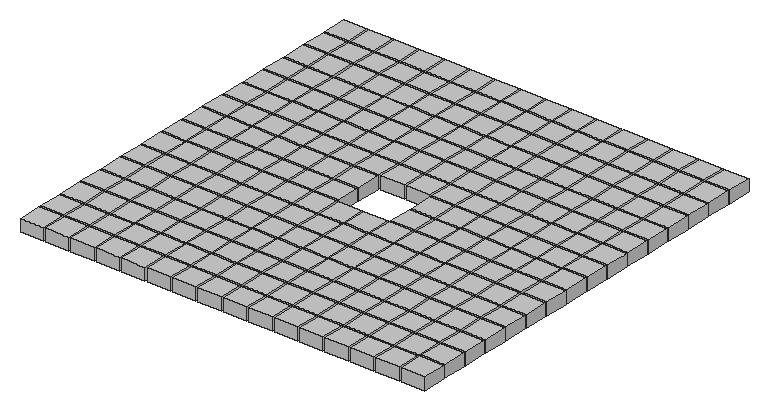
Revit family "Alcorque Ecológico", category Furniture, Revit 2020 (continued)
Reference planes (m)
  plane 2167: y = -1.375
  plane 2168: y = -1.5
  plane 2169: x = 0.25
  plane 2170: x = 0.375
  plane 2171: x = 0.5
  plane 2172: x = 0.75
  plane 2173: x = 0.875
  plane 2174: x = 1
  plane 2175: y = -0.75
  plane 2176: y = -0.875
  plane 2177: y = -1
  plane 2178: y = -1.25
  plane 2179: y = -1.375
  plane 2180: y = -1.5
  plane 2181: x = 0.5
  plane 2182: x = 0.625
  plane 2183: x = 0.75
  plane 2184: x = 1
  plane 2185: x = 1.125
  plane 2186: x = 1.25
  plane 2187: y = -0.375
  plane 2188: y = -0.5
  plane 2189: y = -0.625
  plane 2190: y = -0.875
  plane 2191: y = -1
  plane 2192: y = -1.125
  plane 2193: x = 0.625
  plane 2194: x = 0.75
  plane 2195: x = 0.875
  plane 2196: x = 1.125
  plane 2197: x = 1.25
  plane 2198: x = 1.375
  plane 2199: y = -0.375
  plane 2200: y = -0.5
  plane 2201: y = -0.625
  plane 2202: y = -0.875
  plane 2203: y = -1
  plane 2204: y = -1.125
  plane 2205: x = 0.75
  plane 2206: x = 0.875
  plane 2207: x = 1
  plane 2208: x = 1.25
  plane 2209: x = 1.375
  plane 2210: x = 1.5
  plane 2211: y = -0.375
  plane 2212: y = -0.5
  plane 2213: y = -0.625
  plane 2214: y = -0.875
  plane 2215: y = -1
  plane 2216: y = -1.125
  plane 2217: x = 0.375
  plane 2218: x = 0.5
  plane 2219: x = 0.625
  plane 2220: x = 0.875
  plane 2221: x = 1
  plane 2222: x = 1.125
  plane 2223: y = -0.5
  plane 2224: y = -0.625
  plane 2225: y = -0.75
  plane 2226: y = -1
  plane 2227: y = -1.125
  plane 2228: y = -1.25
  plane 2229: x = 0.5
  plane 2230: x = 0.625
  plane 2231: x = 0.75
  plane 2232: x = 1
  plane 2233: x = 1.125
  plane 2234: x = 1.25
  plane 2235: y = -0.5
  plane 2236: y = -0.625
  plane 2237: y = -0.75
  plane 2238: y = -1
  plane 2239: y = -1.125
  plane 2240: y = -1.25
  plane 2241: x = 0.625
  plane 2242: x = 0.75
  plane 2243: x = 0.875
  plane 2244: x = 1.125
  plane 2245: x = 1.25
  plane 2246: x = 1.375
  plane 2247: y = -0.5
  plane 2248: y = -0.625
  plane 2249: y = -0.75
  plane 2250: y = -1
  plane 2251: y = -1.125
  plane 2252: y = -1.25
  plane 2253: x = 0.75
  plane 2254: x = 0.875
  plane 2255: x = 1
  plane 2256: x = 1.25
  plane 2257: x = 1.375
  plane 2258: x = 1.5
  plane 2259: y = -0.5
  plane 2260: y = -0.625
  plane 2261: y = -0.75
  plane 2262: y = -1
  plane 2263: y = -1.125
  plane 2264: y = -1.25
  plane 2265: x = 0.375
  plane 2266: x = 0.5
  plane 2267: x = 0.625
  plane 2268: x = 0.875
  plane 2269: x = 1
  plane 2270: x = 1.125
  plane 2271: y = -0.625
  plane 2272: y = -0.75
  plane 2273: y = -0.875
  plane 2274: y = -1.125
  plane 2275: y = -1.25
  plane 2276: y = -1.375
  plane 2277: x = 0.5
  plane 2278: x = 0.625
  plane 2279: x = 0.75
  plane 2280: x = 1
  plane 2281: x = 1.125
  plane 2282: x = 1.25
  plane 2283: y = -0.625
  plane 2284: y = -0.75
  plane 2285: y = -0.875
  plane 2286: y = -1.125
  plane 2287: y = -1.25
  plane 2288: y = -1.375
  plane 2289: x = 0.625
  plane 2290: x = 0.75
  plane 2291: x = 0.875
  plane 2292: x = 1.125
  plane 2293: x = 1.25
  plane 2294: x = 1.375
  plane 2295: y = -0.625
  plane 2296: y = -0.75
  plane 2297: y = -0.875
  plane 2298: y = -1.125
  plane 2299: y = -1.25
  plane 2300: y = -1.375
  plane 2301: x = 0.75
  plane 2302: x = 0.875
  plane 2303: x = 1
  plane 2304: x = 1.25
  plane 2305: x = 1.375
  plane 2306: x = 1.5
  plane 2307: y = -0.625
  plane 2308: y = -0.75
  plane 2309: y = -0.875
  plane 2310: y = -1.125
  plane 2311: y = -1.25
  plane 2312: y = -1.375
  plane 2313: x = 0.375
  plane 2314: x = 0.5
  plane 2315: x = 0.625
  plane 2316: x = 0.875
  plane 2317: x = 1
  plane 2318: x = 1.125
  plane 2319: y = -0.75
  plane 2320: y = -0.875
  plane 2321: y = -1
  plane 2322: y = -1.25
  plane 2323: y = -1.375
  plane 2324: y = -1.5
  plane 2325: x = 0.5
  plane 2326: x = 0.625
  plane 2327: x = 0.75
  plane 2328: x = 1
  plane 2329: x = 1.125
  plane 2330: x = 1.25
  plane 2331: y = -0.75
  plane 2332: y = -0.875
  plane 2333: y = -1
  plane 2334: y = -1.25
  plane 2335: y = -1.375
  plane 2336: y = -1.5
  plane 2337: x = 0.625
  plane 2338: x = 0.75
  plane 2339: x = 0.875
  plane 2340: x = 1.125
  plane 2341: x = 1.25
  plane 2342: x = 1.375
  plane 2343: y = -0.75
  plane 2344: y = -0.875
  plane 2345: y = -1
  plane 2346: y = -1.25
  plane 2347: y = -1.375
  plane 2348: y = -1.5
  plane 2349: x = 0.75
  plane 2350: x = 0.875
  plane 2351: x = 1
  plane 2352: x = 1.25
  plane 2353: x = 1.375
  plane 2354: x = 1.5
  plane 2355: y = -0.75
  plane 2356: y = -0.875
  plane 2357: y = -1
  plane 2358: y = -1.25
  plane 2359: y = -1.375
  plane 2360: y = -1.5
  plane 2361: x = -0.25
  plane 2362: x = -0.125
  plane 2363: x = 0
  plane 2364: x = 0.25
  plane 2365: x = 0.375
  plane 2366: x = 0.5
  plane 2367: y = -0.375
  plane 2368: y = -0.5
  plane 2369: y = -0.625
  plane 2370: y = -0.875
  plane 2371: y = -1
  plane 2372: y = -1.125
  plane 2373: x = -0.125
  plane 2374: x = 0
  plane 2375: x = 0.125
  plane 2376: x = 0.375
  plane 2377: x = 0.5
  plane 2378: x = 0.625
  plane 2379: y = -0.375
  plane 2380: y = -0.5
  plane 2381: y = -0.625
  plane 2382: y = -0.875
  plane 2383: y = -1
  plane 2384: y = -1.125
  plane 2385: x = 0.375
  plane 2386: x = 0.5
  plane 2387: x = 0.625
  plane 2388: x = 0.875
  plane 2389: x = 1
  plane 2390: x = 1.125
  plane 2391: y = -0.375
  plane 2392: y = -0.5
  plane 2393: y = -0.625
  plane 2394: y = -0.875
  plane 2395: y = -1
  plane 2396: y = -1.125
  plane 2397: x = -0.875
  plane 2398: x = -0.75
  plane 2399: x = -0.625
  plane 2400: x = -0.375
  plane 2401: x = -0.25
  plane 2402: x = -0.125
  plane 2403: y = 0.875
  plane 2404: y = 0.75
  plane 2405: y = 0.625
  plane 2406: y = 0.375
  plane 2407: y = 0.25
  plane 2408: y = 0.125
  plane 2409: x = -0.75
  plane 2410: x = -0.625
  plane 2411: x = -0.5
  plane 2412: x = -0.25
  plane 2413: x = -0.125
  plane 2414: x = 0
  plane 2415: y = 0.875
  plane 2416: y = 0.75
  plane 2417: y = 0.625
  plane 2418: y = 0.375
  plane 2419: y = 0.25
  plane 2420: y = 0.125
  plane 2421: x = -0.625
  plane 2422: x = -0.5
  plane 2423: x = -0.375
  plane 2424: x = -0.125
  plane 2425: x = 0
  plane 2426: x = 0.125
  plane 2427: y = 0.875
  plane 2428: y = 0.75
  plane 2429: y = 0.625
  plane 2430: y = 0.375
  plane 2431: y = 0.25
  plane 2432: y = 0.125
  plane 2433: x = -0.5
  plane 2434: x = -0.375
  plane 2435: x = -0.25
  plane 2436: x = 0
  plane 2437: x = 0.125
  plane 2438: x = 0.25
  plane 2439: y = 0.875
  plane 2440: y = 0.75
  plane 2441: y = 0.625
  plane 2442: y = 0.375
  plane 2443: y = 0.25
  plane 2444: y = 0.125
  plane 2445: x = -0.375
  plane 2446: x = -0.25
  plane 2447: x = -0.125
  plane 2448: x = 0.125
  plane 2449: x = 0.25
  plane 2450: x = 0.375
  plane 2451: y = 0.875
  plane 2452: y = 0.75
  plane 2453: y = 0.625
  plane 2454: y = 0.375
  plane 2455: y = 0.25
  plane 2456: y = 0.125
  plane 2457: x = -0.25
  plane 2458: x = -0.125
  plane 2459: x = 0
  plane 2460: x = 0.25
  plane 2461: x = 0.375
  plane 2462: x = 0.5
  plane 2463: y = 0.875
  plane 2464: y = 0.75
  plane 2465: y = 0.625
  plane 2466: y = 0.375
  plane 2467: y = 0.25
  plane 2468: y = 0.125
  plane 2469: x = -0.125
  plane 2470: x = 0
  plane 2471: x = 0.125
  plane 2472: x = 0.375
  plane 2473: x = 0.5
  plane 2474: x = 0.625
  plane 2475: y = 0.875
  plane 2476: y = 0.75
  plane 2477: y = 0.625
  plane 2478: y = 0.375
  plane 2479: y = 0.25
  plane 2480: y = 0.125
  plane 2481: x = 0
  plane 2482: x = 0.125
  plane 2483: x = 0.25
  plane 2484: x = 0.5
  plane 2485: x = 0.625
  plane 2486: x = 0.75
  plane 2487: y = 0.875
  plane 2488: y = 0.75
  plane 2489: y = 0.625
  plane 2490: y = 0.375
  plane 2491: y = 0.25
  plane 2492: y = 0.125
  plane 2493: x = -0.875
  plane 2494: x = -0.75
  plane 2495: x = -0.625
  plane 2496: x = -0.375
  plane 2497: x = -0.25
  plane 2498: x = -0.125
  plane 2499: y = 0.75
  plane 2500: y = 0.625
  plane 2501: y = 0.5
  plane 2502: y = 0.25
  plane 2503: y = 0.125
  plane 2504: y = 0
  plane 2505: x = -0.75
  plane 2506: x = -0.625
  plane 2507: x = -0.5
  plane 2508: x = -0.25
  plane 2509: x = -0.125
  plane 2510: x = 0
  plane 2511: y = 0.75
  plane 2512: y = 0.625
  plane 2513: y = 0.5
  plane 2514: y = 0.25
  plane 2515: y = 0.125
  plane 2516: y = 0
  plane 2517: x = -0.625
  plane 2518: x = -0.5
  plane 2519: x = -0.375
  plane 2520: x = -0.125
  plane 2521: x = 0
  plane 2522: x = 0.125
  plane 2523: y = 0.75
  plane 2524: y = 0.625
  plane 2525: y = 0.5
  plane 2526: y = 0.25
  plane 2527: y = 0.125
  plane 2528: y = 0
  plane 2529: x = -0.5
  plane 2530: x = -0.375
  plane 2531: x = -0.25
  plane 2532: x = 0
  plane 2533: x = 0.125
  plane 2534: x = 0.25
  plane 2535: y = 0.75
  plane 2536: y = 0.625
  plane 2537: y = 0.5
  plane 2538: y = 0.25
  plane 2539: y = 0.125
  plane 2540: y = 0
  plane 2541: x = -0.375
  plane 2542: x = -0.25
  plane 2543: x = -0.125
  plane 2544: x = 0.125
  plane 2545: x = 0.25
  plane 2546: x = 0.375
  plane 2547: y = 0.75
  plane 2548: y = 0.625
  plane 2549: y = 0.5
  plane 2550: y = 0.25
  plane 2551: y = 0.125
  plane 2552: y = 0
  plane 2553: x = -0.25
  plane 2554: x = -0.125
  plane 2555: x = 0
  plane 2556: x = 0.25
  plane 2557: x = 0.375
  plane 2558: x = 0.5
  plane 2559: y = 0.75
  plane 2560: y = 0.625
  plane 2561: y = 0.5
  plane 2562: y = 0.25
  plane 2563: y = 0.125
  plane 2564: y = 0
  plane 2565: x = -0.125
  plane 2566: x = 0
  plane 2567: x = 0.125
  plane 2568: x = 0.375
  plane 2569: x = 0.5
  plane 2570: x = 0.625
  plane 2571: y = 0.75
  plane 2572: y = 0.625
  plane 2573: y = 0.5
  plane 2574: y = 0.25
  plane 2575: y = 0.125
  plane 2576: y = 0
  plane 2577: x = 0
  plane 2578: x = 0.125
  plane 2579: x = 0.25
  plane 2580: x = 0.5
  plane 2581: x = 0.625
  plane 2582: x = 0.75
  plane 2583: y = 0.75
  plane 2584: y = 0.625
  plane 2585: y = 0.5
  plane 2586: y = 0.25
  plane 2587: y = 0.125
  plane 2588: y = 0
  plane 2589: x = -0.875
  plane 2590: x = -0.75
  plane 2591: x = -0.625
  plane 2592: x = -0.375
  plane 2593: x = -0.25
  plane 2594: x = -0.125
  plane 2595: y = 0.625
  plane 2596: y = 0.5
  plane 2597: y = 0.375
  plane 2598: y = 0.125
  plane 2599: y = 0
  plane 2600: y = -0.125
  plane 2601: x = -0.75
  plane 2602: x = -0.625
  plane 2603: x = -0.5
  plane 2604: x = -0.25
  plane 2605: x = -0.125
  plane 2606: x = 0
  plane 2607: y = 0.625
  plane 2608: y = 0.5
  plane 2609: y = 0.375
  plane 2610: y = 0.125
  plane 2611: y = 0
  plane 2612: y = -0.125
  plane 2613: x = -0.625
  plane 2614: x = -0.5
  plane 2615: x = -0.375
  plane 2616: x = -0.125
  plane 2617: x = 0
  plane 2618: x = 0.125
  plane 2619: y = 0.625
  plane 2620: y = 0.5
  plane 2621: y = 0.375
  plane 2622: y = 0.125
  plane 2623: y = 0
  plane 2624: y = -0.125
  plane 2625: x = -0.5
  plane 2626: x = -0.375
  plane 2627: x = -0.25
  plane 2628: x = 0
  plane 2629: x = 0.125
  plane 2630: x = 0.25
  plane 2631: y = 0.625
  plane 2632: y = 0.5
  plane 2633: y = 0.375
  plane 2634: y = 0.125
  plane 2635: y = 0
  plane 2636: y = -0.125
  plane 2637: x = -0.375
  plane 2638: x = -0.25
  plane 2639: x = -0.125
  plane 2640: x = 0.125
  plane 2641: x = 0.25
  plane 2642: x = 0.375
  plane 2643: y = 0.625
  plane 2644: y = 0.5
  plane 2645: y = 0.375
  plane 2646: y = 0.125
  plane 2647: y = 0
  plane 2648: y = -0.125
  plane 2649: x = -0.25
  plane 2650: x = -0.125
  plane 2651: x = 0
  plane 2652: x = 0.25
  plane 2653: x = 0.375
  plane 2654: x = 0.5
  plane 2655: y = 0.625
  plane 2656: y = 0.5
  plane 2657: y = 0.375
  plane 2658: y = 0.125
  plane 2659: y = 0
  plane 2660: y = -0.125
  plane 2661: x = -0.125
  plane 2662: x = 0
  plane 2663: x = 0.125
  plane 2664: x = 0.375
  plane 2665: x = 0.5
  plane 2666: x = 0.625
  plane 2667: y = 0.625
  plane 2668: y = 0.5
  plane 2669: y = 0.375
  plane 2670: y = 0.125
  plane 2671: y = 0
  plane 2672: y = -0.125
  plane 2673: x = 0
  plane 2674: x = 0.125
  plane 2675: x = 0.25
  plane 2676: x = 0.5
  plane 2677: x = 0.625
  plane 2678: x = 0.75
  plane 2679: y = 0.625
  plane 2680: y = 0.5
  plane 2681: y = 0.375
  plane 2682: y = 0.125
  plane 2683: y = 0
  plane 2684: y = -0.125
  plane 2685: x = -0.875
  plane 2686: x = -0.75
  plane 2687: x = -0.625
  plane 2688: x = -0.375
  plane 2689: x = -0.25
  plane 2690: x = -0.125
  plane 2691: y = 0.5
  plane 2692: y = 0.375
  plane 2693: y = 0.25
  plane 2694: y = 0
  plane 2695: y = -0.125
  plane 2696: y = -0.25
  plane 2697: x = -0.75
  plane 2698: x = -0.625
  plane 2699: x = -0.5
  plane 2700: x = -0.25
  plane 2701: x = -0.125
  plane 2702: x = 0
  plane 2703: y = 0.5
  plane 2704: y = 0.375
  plane 2705: y = 0.25
  plane 2706: y = 0
  plane 2707: y = -0.125
  plane 2708: y = -0.25
  plane 2709: x = -0.625
  plane 2710: x = -0.5
  plane 2711: x = -0.375
  plane 2712: x = -0.125
  plane 2713: x = 0
  plane 2714: x = 0.125
  plane 2715: y = 0.5
  plane 2716: y = 0.375
  plane 2717: y = 0.25
  plane 2718: y = 0
  plane 2719: y = -0.125
  plane 2720: y = -0.25
  plane 2721: x = -0.25
  plane 2722: x = -0.125
  plane 2723: x = 0
  plane 2724: x = 0.25
  plane 2725: x = 0.375
  plane 2726: x = 0.5
  plane 2727: y = 0.5
  plane 2728: y = 0.375
  plane 2729: y = 0.25
  plane 2730: y = 0
  plane 2731: y = -0.125
  plane 2732: y = -0.25
  plane 2733: x = -0.125
  plane 2734: x = 0
  plane 2735: x = 0.125
  plane 2736: x = 0.375
  plane 2737: x = 0.5
  plane 2738: x = 0.625
  plane 2739: y = 0.5
  plane 2740: y = 0.375
  plane 2741: y = 0.25
  plane 2742: y = 0
  plane 2743: y = -0.125
  plane 2744: y = -0.25
  plane 2745: x = 0
  plane 2746: x = 0.125
  plane 2747: x = 0.25
  plane 2748: x = 0.5
  plane 2749: x = 0.625
  plane 2750: x = 0.75
  plane 2751: y = 0.5
  plane 2752: y = 0.375
  plane 2753: y = 0.25
  plane 2754: y = 0
  plane 2755: y = -0.125
  plane 2756: y = -0.25
  plane 2757: x = -0.875
  plane 2758: x = -0.75
  plane 2759: x = -0.625
  plane 2760: x = -0.375
  plane 2761: x = -0.25
  plane 2762: x = -0.125
  plane 2763: y = 0.375
  plane 2764: y = 0.25
  plane 2765: y = 0.125
  plane 2766: y = -0.125
  plane 2767: y = -0.25
  plane 2768: y = -0.375
  plane 2769: x = -0.75
  plane 2770: x = -0.625
  plane 2771: x = -0.5
  plane 2772: x = -0.25
  plane 2773: x = -0.125
  plane 2774: x = 0
  plane 2775: y = 0.375
  plane 2776: y = 0.25
  plane 2777: y = 0.125
  plane 2778: y = -0.125
  plane 2779: y = -0.25
  plane 2780: y = -0.375
  plane 2781: x = -0.625
  plane 2782: x = -0.5
  plane 2783: x = -0.375
  plane 2784: x = -0.125
  plane 2785: x = 0
  plane 2786: x = 0.125
  plane 2787: y = 0.375
  plane 2788: y = 0.25
  plane 2789: y = 0.125
  plane 2790: y = -0.125
  plane 2791: y = -0.25
  plane 2792: y = -0.375
  plane 2793: x = -0.25
  plane 2794: x = -0.125
  plane 2795: x = 0
  plane 2796: x = 0.25
  plane 2797: x = 0.375
  plane 2798: x = 0.5
  plane 2799: y = 0.375
  plane 2800: y = 0.25
  plane 2801: y = 0.125
  plane 2802: y = -0.125
  plane 2803: y = -0.25
  plane 2804: y = -0.375
  plane 2805: x = -0.125
  plane 2806: x = 0
  plane 2807: x = 0.125
  plane 2808: x = 0.375
  plane 2809: x = 0.5
  plane 2810: x = 0.625
  plane 2811: y = 0.375
  plane 2812: y = 0.25
  plane 2813: y = 0.125
  plane 2814: y = -0.125
  plane 2815: y = -0.25
  plane 2816: y = -0.375
  plane 2817: x = 0
  plane 2818: x = 0.125
  plane 2819: x = 0.25
  plane 2820: x = 0.5
  plane 2821: x = 0.625
  plane 2822: x = 0.75
  plane 2823: y = 0.375
  plane 2824: y = 0.25
  plane 2825: y = 0.125
  plane 2826: y = -0.125
  plane 2827: y = -0.25
  plane 2828: y = -0.375
  plane 2829: x = -0.875
  plane 2830: x = -0.75
  plane 2831: x = -0.625
  plane 2832: x = -0.375
  plane 2833: x = -0.25
  plane 2834: x = -0.125
  plane 2835: y = 0.25
  plane 2836: y = 0.125
  plane 2837: y = 0
  plane 2838: y = -0.25
  plane 2839: y = -0.375
  plane 2840: y = -0.5
  plane 2841: x = -0.75
  plane 2842: x = -0.625
  plane 2843: x = -0.5
  plane 2844: x = -0.25
  plane 2845: x = -0.125
  plane 2846: x = 0
  plane 2847: y = 0.25
  plane 2848: y = 0.125
  plane 2849: y = 0
  plane 2850: y = -0.25
  plane 2851: y = -0.375
  plane 2852: y = -0.5
  plane 2853: x = -0.625
  plane 2854: x = -0.5
  plane 2855: x = -0.375
  plane 2856: x = -0.125
  plane 2857: x = 0
  plane 2858: x = 0.125
  plane 2859: y = 0.25
  plane 2860: y = 0.125
  plane 2861: y = 0
  plane 2862: y = -0.25
  plane 2863: y = -0.375
  plane 2864: y = -0.5
  plane 2865: x = -0.5
  plane 2866: x = -0.375
  plane 2867: x = -0.25
  plane 2868: x = 0
  plane 2869: x = 0.125
  plane 2870: x = 0.25
  plane 2871: y = 0.25
  plane 2872: y = 0.125
  plane 2873: y = 0
  plane 2874: y = -0.25
  plane 2875: y = -0.375
  plane 2876: y = -0.5
  plane 2877: x = -0.375
  plane 2878: x = -0.25
  plane 2879: x = -0.125
  plane 2880: x = 0.125
  plane 2881: x = 0.25
  plane 2882: x = 0.375
  plane 2883: y = 0.25
  plane 2884: y = 0.125
  plane 2885: y = 0
  plane 2886: y = -0.25
  plane 2887: y = -0.375
  plane 2888: y = -0.5
  plane 2889: x = 0
  plane 2890: x = 0.125
  plane 2891: x = 0.25
  plane 2892: x = 0.5
  plane 2893: x = 0.625
  plane 2894: x = 0.75
  plane 2895: y = 0.25
  plane 2896: y = 0.125
  plane 2897: y = 0
  plane 2898: y = -0.25
  plane 2899: y = -0.375
  plane 2900: y = -0.5
  plane 2901: x = -0.875
  plane 2902: x = -0.75
  plane 2903: x = -0.625
  plane 2904: x = -0.375
  plane 2905: x = -0.25
  plane 2906: x = -0.125
  plane 2907: y = 0.125
  plane 2908: y = 0
  plane 2909: y = -0.125
  plane 2910: y = -0.375
  plane 2911: y = -0.5
  plane 2912: y = -0.625
  plane 2913: x = -0.75
  plane 2914: x = -0.625
  plane 2915: x = -0.5
  plane 2916: x = -0.25
  plane 2917: x = -0.125
  plane 2918: x = 0
  plane 2919: y = 0.125
  plane 2920: y = 0
  plane 2921: y = -0.125
  plane 2922: y = -0.375
  plane 2923: y = -0.5
  plane 2924: y = -0.625
  plane 2925: x = -0.625
  plane 2926: x = -0.5
  plane 2927: x = -0.375
  plane 2928: x = -0.125
  plane 2929: x = 0
  plane 2930: x = 0.125
  plane 2931: y = 0.125
  plane 2932: y = 0
  plane 2933: y = -0.125
  plane 2934: y = -0.375
  plane 2935: y = -0.5
  plane 2936: y = -0.625
  plane 2937: x = -0.5
  plane 2938: x = -0.375
  plane 2939: x = -0.25
  plane 2940: x = 0
  plane 2941: x = 0.125
  plane 2942: x = 0.25
  plane 2943: y = 0.125
  plane 2944: y = 0
  plane 2945: y = -0.125
  plane 2946: y = -0.375
  plane 2947: y = -0.5
  plane 2948: y = -0.625
  plane 2949: x = -0.375
  plane 2950: x = -0.25
  plane 2951: x = -0.125
  plane 2952: x = 0.125
  plane 2953: x = 0.25
  plane 2954: x = 0.375
  plane 2955: y = 0.125
  plane 2956: y = 0
  plane 2957: y = -0.125
  plane 2958: y = -0.375
  plane 2959: y = -0.5
  plane 2960: y = -0.625
  plane 2961: x = 0
  plane 2962: x = 0.125
  plane 2963: x = 0.25
  plane 2964: x = 0.5
  plane 2965: x = 0.625
  plane 2966: x = 0.75
  plane 2967: y = 0.125
  plane 2968: y = 0
  plane 2969: y = -0.125
  plane 2970: y = -0.375
  plane 2971: y = -0.5
  plane 2972: y = -0.625
  plane 2973: x = -0.875
  plane 2974: x = -0.75
  plane 2975: x = -0.625
  plane 2976: x = -0.375
  plane 2977: x = -0.25
  plane 2978: x = -0.125
  plane 2979: y = 0
  plane 2980: y = -0.125
  plane 2981: y = -0.25
  plane 2982: y = -0.5
  plane 2983: y = -0.625
  plane 2984: y = -0.75
  plane 2985: x = -0.75
  plane 2986: x = -0.625
  plane 2987: x = -0.5
  plane 2988: x = -0.25
  plane 2989: x = -0.125
  plane 2990: x = 0
  plane 2991: y = 0
  plane 2992: y = -0.125
  plane 2993: y = -0.25
  plane 2994: y = -0.5
  plane 2995: y = -0.625
  plane 2996: y = -0.75
  plane 2997: x = -0.625
  plane 2998: x = -0.5
  plane 2999: x = -0.375
  plane 3000: x = -0.125
  plane 3001: x = 0
  plane 3002: x = 0.125
  plane 3003: y = 0
  plane 3004: y = -0.125
  plane 3005: y = -0.25
  plane 3006: y = -0.5
  plane 3007: y = -0.625
  plane 3008: y = -0.75
  plane 3009: x = -0.5
  plane 3010: x = -0.375
  plane 3011: x = -0.25
  plane 3012: x = 0
  plane 3013: x = 0.125
  plane 3014: x = 0.25
  plane 3015: y = 0
  plane 3016: y = -0.125
  plane 3017: y = -0.25
  plane 3018: y = -0.5
  plane 3019: y = -0.625
  plane 3020: y = -0.75
  plane 3021: x = -0.375
  plane 3022: x = -0.25
  plane 3023: x = -0.125
  plane 3024: x = 0.125
  plane 3025: x = 0.25
  plane 3026: x = 0.375
  plane 3027: y = 0
  plane 3028: y = -0.125
  plane 3029: y = -0.25
  plane 3030: y = -0.5
  plane 3031: y = -0.625
  plane 3032: y = -0.75
  plane 3033: x = -0.25
  plane 3034: x = -0.125
  plane 3035: x = 0
  plane 3036: x = 0.25
  plane 3037: x = 0.375
  plane 3038: x = 0.5
  plane 3039: y = 0
  plane 3040: y = -0.125
  plane 3041: y = -0.25
  plane 3042: y = -0.5
  plane 3043: y = -0.625
  plane 3044: y = -0.75
  plane 3045: x = -0.125
  plane 3046: x = 0
  plane 3047: x = 0.125
  plane 3048: x = 0.375
  plane 3049: x = 0.5
  plane 3050: x = 0.625
  plane 3051: y = 0
  plane 3052: y = -0.125
  plane 3053: y = -0.25
  plane 3054: y = -0.5
  plane 3055: y = -0.625
  plane 3056: y = -0.75
  plane 3057: x = 0.125
  plane 3058: x = 0.25
  plane 3059: x = 0.375
  plane 3060: x = 0.625
  plane 3061: x = 0.75
  plane 3062: x = 0.875
  plane 3063: y = 0.875
  plane 3064: y = 0.75
  plane 3065: y = 0.625
  plane 3066: y = 0.375
  plane 3067: y = 0.25
  plane 3068: y = 0.125
  plane 3069: x = 0.25
  plane 3070: x = 0.375
  plane 3071: x = 0.5
  plane 3072: x = 0.75
  plane 3073: x = 0.875
  plane 3074: x = 1
  plane 3075: y = 0.875
  plane 3076: y = 0.75
  plane 3077: y = 0.625
  plane 3078: y = 0.375
  plane 3079: y = 0.25
  plane 3080: y = 0.125
  plane 3081: x = 0.375
  plane 3082: x = 0.5
  plane 3083: x = 0.625
  plane 3084: x = 0.875
  plane 3085: x = 1
  plane 3086: x = 1.125
  plane 3087: y = 0.875
  plane 3088: y = 0.75
  plane 3089: y = 0.625
  plane 3090: y = 0.375
  plane 3091: y = 0.25
  plane 3092: y = 0.125
  plane 3093: x = 0.5
  plane 3094: x = 0.625
  plane 3095: x = 0.75
  plane 3096: x = 1
  plane 3097: x = 1.125
  plane 3098: x = 1.25
  plane 3099: y = 0.875
  plane 3100: y = 0.75
  plane 3101: y = 0.625
  plane 3102: y = 0.375
  plane 3103: y = 0.25
  plane 3104: y = 0.125
  plane 3105: x = 0.125
  plane 3106: x = 0.25
  plane 3107: x = 0.375
  plane 3108: x = 0.625
  plane 3109: x = 0.75
  plane 3110: x = 0.875
  plane 3111: y = 0.75
  plane 3112: y = 0.625
  plane 3113: y = 0.5
  plane 3114: y = 0.25
  plane 3115: y = 0.125
  plane 3116: y = 0
  plane 3117: x = 0.25
  plane 3118: x = 0.375
  plane 3119: x = 0.5
  plane 3120: x = 0.75
  plane 3121: x = 0.875
  plane 3122: x = 1
  plane 3123: y = 0.75
  plane 3124: y = 0.625
  plane 3125: y = 0.5
  plane 3126: y = 0.25
  plane 3127: y = 0.125
  plane 3128: y = 0
  plane 3129: x = 0.375
  plane 3130: x = 0.5
  plane 3131: x = 0.625
  plane 3132: x = 0.875
  plane 3133: x = 1
  plane 3134: x = 1.125
  plane 3135: y = 0.75
  plane 3136: y = 0.625
  plane 3137: y = 0.5
  plane 3138: y = 0.25
  plane 3139: y = 0.125
  plane 3140: y = 0
  plane 3141: x = 0.5
  plane 3142: x = 0.625
  plane 3143: x = 0.75
  plane 3144: x = 1
  plane 3145: x = 1.125
  plane 3146: x = 1.25
  plane 3147: y = 0.75
  plane 3148: y = 0.625
  plane 3149: y = 0.5
  plane 3150: y = 0.25
  plane 3151: y = 0.125
  plane 3152: y = 0
  plane 3153: x = 0.125
  plane 3154: x = 0.25
  plane 3155: x = 0.375
  plane 3156: x = 0.625
  plane 3157: x = 0.75
  plane 3158: x = 0.875
  plane 3159: y = 0.625
  plane 3160: y = 0.5
  plane 3161: y = 0.375
  plane 3162: y = 0.125
  plane 3163: y = 0
  plane 3164: y = -0.125
  plane 3165: x = 0.25
  plane 3166: x = 0.375
  plane 3167: x = 0.5
  plane 3168: x = 0.75
  plane 3169: x = 0.875
  plane 3170: x = 1
  plane 3171: y = 0.625
  plane 3172: y = 0.5
  plane 3173: y = 0.375
  plane 3174: y = 0.125
  plane 3175: y = 0
  plane 3176: y = -0.125
  plane 3177: x = 0.375
  plane 3178: x = 0.5
  plane 3179: x = 0.625
  plane 3180: x = 0.875
  plane 3181: x = 1
  plane 3182: x = 1.125
  plane 3183: y = 0.625
  plane 3184: y = 0.5
  plane 3185: y = 0.375
  plane 3186: y = 0.125
  plane 3187: y = 0
  plane 3188: y = -0.125
  plane 3189: x = 0.5
  plane 3190: x = 0.625
  plane 3191: x = 0.75
  plane 3192: x = 1
  plane 3193: x = 1.125
  plane 3194: x = 1.25
  plane 3195: y = 0.625
  plane 3196: y = 0.5
  plane 3197: y = 0.375
  plane 3198: y = 0.125
  plane 3199: y = 0
  plane 3200: y = -0.125
  plane 3201: x = 0.25
  plane 3202: x = 0.375
  plane 3203: x = 0.5
  plane 3204: x = 0.75
  plane 3205: x = 0.875
  plane 3206: x = 1
  plane 3207: y = 0.5
  plane 3208: y = 0.375
  plane 3209: y = 0.25
  plane 3210: y = 0
  plane 3211: y = -0.125
  plane 3212: y = -0.25
  plane 3213: x = 0.375
  plane 3214: x = 0.5
  plane 3215: x = 0.625
  plane 3216: x = 0.875
  plane 3217: x = 1
  plane 3218: x = 1.125
  plane 3219: y = 0.5
  plane 3220: y = 0.375
  plane 3221: y = 0.25
  plane 3222: y = 0
  plane 3223: y = -0.125
  plane 3224: y = -0.25
  plane 3225: x = 0.5
  plane 3226: x = 0.625
  plane 3227: x = 0.75
  plane 3228: x = 1
  plane 3229: x = 1.125
  plane 3230: x = 1.25
  plane 3231: y = 0.5
  plane 3232: y = 0.375
  plane 3233: y = 0.25
  plane 3234: y = 0
  plane 3235: y = -0.125
  plane 3236: y = -0.25
  plane 3237: x = 0.25
  plane 3238: x = 0.375
  plane 3239: x = 0.5
  plane 3240: x = 0.75
  plane 3241: x = 0.875
  plane 3242: x = 1
  plane 3243: y = 0.375
  plane 3244: y = 0.25
  plane 3245: y = 0.125
  plane 3246: y = -0.125
  plane 3247: y = -0.25
  plane 3248: y = -0.375
  plane 3249: x = 0.375
  plane 3250: x = 0.5
  plane 3251: x = 0.625
  plane 3252: x = 0.875
  plane 3253: x = 1
  plane 3254: x = 1.125
  plane 3255: y = 0.375
  plane 3256: y = 0.25
  plane 3257: y = 0.125
  plane 3258: y = -0.125
  plane 3259: y = -0.25
  plane 3260: y = -0.375
  plane 3261: x = 0.5
  plane 3262: x = 0.625
  plane 3263: x = 0.75
  plane 3264: x = 1
  plane 3265: x = 1.125
  plane 3266: x = 1.25
  plane 3267: y = 0.375
  plane 3268: y = 0.25
  plane 3269: y = 0.125
  plane 3270: y = -0.125
  plane 3271: y = -0.25
  plane 3272: y = -0.375
  plane 3273: x = 0.125
  plane 3274: x = 0.25
  plane 3275: x = 0.375
  plane 3276: x = 0.625
  plane 3277: x = 0.75
  plane 3278: x = 0.875
  plane 3279: y = 0.25
  plane 3280: y = 0.125
  plane 3281: y = 0
  plane 3282: y = -0.25
  plane 3283: y = -0.375
  plane 3284: y = -0.5
  plane 3285: x = 0.25
  plane 3286: x = 0.375
  plane 3287: x = 0.5
  plane 3288: x = 0.75
  plane 3289: x = 0.875
  plane 3290: x = 1
  plane 3291: y = 0.25
  plane 3292: y = 0.125
  plane 3293: y = 0
  plane 3294: y = -0.25
  plane 3295: y = -0.375
  plane 3296: y = -0.5
  plane 3297: x = 0.375
  plane 3298: x = 0.5
  plane 3299: x = 0.625
  plane 3300: x = 0.875
  plane 3301: x = 1
  plane 3302: x = 1.125
  plane 3303: y = 0.25
  plane 3304: y = 0.125
  plane 3305: y = 0
  plane 3306: y = -0.25
  plane 3307: y = -0.375
  plane 3308: y = -0.5
  plane 3309: x = 0.5
  plane 3310: x = 0.625
  plane 3311: x = 0.75
  plane 3312: x = 1
  plane 3313: x = 1.125
  plane 3314: x = 1.25
  plane 3315: y = 0.25
  plane 3316: y = 0.125
  plane 3317: y = 0
  plane 3318: y = -0.25
  plane 3319: y = -0.375
  plane 3320: y = -0.5
  plane 3321: x = 0.125
  plane 3322: x = 0.25
  plane 3323: x = 0.375
  plane 3324: x = 0.625
  plane 3325: x = 0.75
  plane 3326: x = 0.875
  plane 3327: y = 0.125
  plane 3328: y = 0
  plane 3329: y = -0.125
  plane 3330: y = -0.375
  plane 3331: y = -0.5
  plane 3332: y = -0.625
  plane 3333: x = 0.25
  plane 3334: x = 0.375
  plane 3335: x = 0.5
  plane 3336: x = 0.75
  plane 3337: x = 0.875
  plane 3338: x = 1
  plane 3339: y = 0.125
  plane 3340: y = 0
  plane 3341: y = -0.125
  plane 3342: y = -0.375
  plane 3343: y = -0.5
  plane 3344: y = -0.625
  plane 3345: x = 0.375
  plane 3346: x = 0.5
  plane 3347: x = 0.625
  plane 3348: x = 0.875
  plane 3349: x = 1
  plane 3350: x = 1.125
  plane 3351: y = 0.125
  plane 3352: y = 0
  plane 3353: y = -0.125
  plane 3354: y = -0.375
  plane 3355: y = -0.5
  plane 3356: y = -0.625
  plane 3357: x = 0.5
  plane 3358: x = 0.625
  plane 3359: x = 0.75
  plane 3360: x = 1
  plane 3361: x = 1.125
  plane 3362: x = 1.25
  plane 3363: y = 0.125
  plane 3364: y = 0
  plane 3365: y = -0.125
  plane 3366: y = -0.375
  plane 3367: y = -0.5
  plane 3368: y = -0.625
  plane 3369: x = 0.25
  plane 3370: x = 0.375
  plane 3371: x = 0.5
  plane 3372: x = 0.75
  plane 3373: x = 0.875
  plane 3374: x = 1
  plane 3375: y = 0
  plane 3376: y = -0.125
  plane 3377: y = -0.25
  plane 3378: y = -0.5
  plane 3379: y = -0.625
  plane 3380: y = -0.75
  plane 3381: x = 0.375
  plane 3382: x = 0.5
  plane 3383: x = 0.625
  plane 3384: x = 0.875
  plane 3385: x = 1
  plane 3386: x = 1.125
  plane 3387: y = 0
  plane 3388: y = -0.125
  plane 3389: y = -0.25
  plane 3390: y = -0.5
  plane 3391: y = -0.625
  plane 3392: y = -0.75
  plane 3393: x = 0.5
  plane 3394: x = 0.625
  plane 3395: x = 0.75
  plane 3396: x = 1
  plane 3397: x = 1.125
  plane 3398: x = 1.25
  plane 3399: y = 0
  plane 3400: y = -0.125
  plane 3401: y = -0.25
  plane 3402: y = -0.5
  plane 3403: y = -0.625
  plane 3404: y = -0.75
  plane 3405: x = -0.5
  plane 3406: x = -0.375
  plane 3407: x = -0.25
  plane 3408: x = 0
  plane 3409: x = 0.125
  plane 3410: x = 0.25
  plane 3411: y = 0.5
  plane 3412: y = 0.375
  plane 3413: y = 0.25
  plane 3414: y = 0
  plane 3415: y = -0.125
  plane 3416: y = -0.25
  plane 3417: x = -0.375
  plane 3418: x = -0.25
  plane 3419: x = -0.125
  plane 3420: x = 0.125
  plane 3421: x = 0.25
  plane 3422: x = 0.375
  plane 3423: y = 0.5
  plane 3424: y = 0.375
  plane 3425: y = 0.25
  plane 3426: y = 0
  plane 3427: y = -0.125
  plane 3428: y = -0.25
  plane 3429: x = -0.5
  plane 3430: x = -0.375
  plane 3431: x = -0.25
  plane 3432: x = 0
  plane 3433: x = 0.125
  plane 3434: x = 0.25
  plane 3435: y = 0.375
  plane 3436: y = 0.25
  plane 3437: y = 0.125
  plane 3438: y = -0.125
  plane 3439: y = -0.25
  plane 3440: y = -0.375
  plane 3441: x = -0.375
  plane 3442: x = -0.25
  plane 3443: x = -0.125
  plane 3444: x = 0.125
  plane 3445: x = 0.25
  plane 3446: x = 0.375
  plane 3447: y = 0.375
  plane 3448: y = 0.25
  plane 3449: y = 0.125
  plane 3450: y = -0.125
  plane 3451: y = -0.25
  plane 3452: y = -0.375
  plane 3453: x = 0.125
  plane 3454: x = 0.25
  plane 3455: x = 0.375
  plane 3456: x = 0.625
  plane 3457: x = 0.75
  plane 3458: x = 0.875
  plane 3459: y = 0.5
  plane 3460: y = 0.375
  plane 3461: y = 0.25
  plane 3462: y = 0
  plane 3463: y = -0.125
  plane 3464: y = -0.25
  plane 3465: x = 0.125
  plane 3466: x = 0.25
  plane 3467: x = 0.375
  plane 3468: x = 0.625
  plane 3469: x = 0.75
  plane 3470: x = 0.875
  plane 3471: y = 0.375
  plane 3472: y = 0.25
  plane 3473: y = 0.125
  plane 3474: y = -0.125
  plane 3475: y = -0.25
  plane 3476: y = -0.375
  plane 3477: x = -0.875
  plane 3478: x = -0.75
  plane 3479: x = -0.625
  plane 3480: x = -0.375
  plane 3481: x = -0.25
  plane 3482: x = -0.125
  plane 3483: y = -0.125
  plane 3484: y = -0.25
  plane 3485: y = -0.375
  plane 3486: y = -0.625
  plane 3487: y = -0.75
  plane 3488: y = -0.875
  plane 3489: x = -0.75
  plane 3490: x = -0.625
  plane 3491: x = -0.5
  plane 3492: x = -0.25
  plane 3493: x = -0.125
  plane 3494: x = 0
  plane 3495: y = -0.125
  plane 3496: y = -0.25
  plane 3497: y = -0.375
  plane 3498: y = -0.625
  plane 3499: y = -0.75
  plane 3500: y = -0.875
  plane 3501: x = -0.625
  plane 3502: x = -0.5
  plane 3503: x = -0.375
  plane 3504: x = -0.125
  plane 3505: x = 0
  plane 3506: x = 0.125
  plane 3507: y = -0.125
  plane 3508: y = -0.25
  plane 3509: y = -0.375
  plane 3510: y = -0.625
  plane 3511: y = -0.75
  plane 3512: y = -0.875
  plane 3513: x = -0.25
  plane 3514: x = -0.125
  plane 3515: x = 0
  plane 3516: x = 0.25
  plane 3517: x = 0.375
  plane 3518: x = 0.5
  plane 3519: y = -0.125
  plane 3520: y = -0.25
  plane 3521: y = -0.375
  plane 3522: y = -0.625
  plane 3523: y = -0.75
  plane 3524: y = -0.875
  plane 3525: x = -0.125
  plane 3526: x = 0
  plane 3527: x = 0.125
  plane 3528: x = 0.375
  plane 3529: x = 0.5
  plane 3530: x = 0.625
  plane 3531: y = -0.125
  plane 3532: y = -0.25
  plane 3533: y = -0.375
  plane 3534: y = -0.625
  plane 3535: y = -0.75
  plane 3536: y = -0.875
  plane 3537: x = -0.875
  plane 3538: x = -0.75
  plane 3539: x = -0.625
  plane 3540: x = -0.375
  plane 3541: x = -0.25
  plane 3542: x = -0.125
  plane 3543: y = -0.25
  plane 3544: y = -0.375
  plane 3545: y = -0.5
  plane 3546: y = -0.75
  plane 3547: y = -0.875
  plane 3548: y = -1
  plane 3549: x = -0.75
  plane 3550: x = -0.625
  plane 3551: x = -0.5
  plane 3552: x = -0.25
  plane 3553: x = -0.125
  plane 3554: x = 0
  plane 3555: y = -0.25
  plane 3556: y = -0.375
  plane 3557: y = -0.5
  plane 3558: y = -0.75
  plane 3559: y = -0.875
  plane 3560: y = -1
  plane 3561: x = -0.625
  plane 3562: x = -0.5
  plane 3563: x = -0.375
  plane 3564: x = -0.125
  plane 3565: x = 0
  plane 3566: x = 0.125
  plane 3567: y = -0.25
  plane 3568: y = -0.375
  plane 3569: y = -0.5
  plane 3570: y = -0.75
  plane 3571: y = -0.875
  plane 3572: y = -1
  plane 3573: x = -0.5
  plane 3574: x = -0.375
  plane 3575: x = -0.25
  plane 3576: x = 0
  plane 3577: x = 0.125
  plane 3578: x = 0.25
  plane 3579: y = -0.25
  plane 3580: y = -0.375
  plane 3581: y = -0.5
  plane 3582: y = -0.75
  plane 3583: y = -0.875
  plane 3584: y = -1
  plane 3585: x = -0.375
  plane 3586: x = -0.25
  plane 3587: x = -0.125
  plane 3588: x = 0.125
  plane 3589: x = 0.25
  plane 3590: x = 0.375
  plane 3591: y = -0.25
  plane 3592: y = -0.375
  plane 3593: y = -0.5
  plane 3594: y = -0.75
  plane 3595: y = -0.875
  plane 3596: y = -1
  plane 3597: x = -0.25
  plane 3598: x = -0.125
  plane 3599: x = 0
  plane 3600: x = 0.25
  plane 3601: x = 0.375
  plane 3602: x = 0.5
  plane 3603: y = -0.25
  plane 3604: y = -0.375
  plane 3605: y = -0.5
  plane 3606: y = -0.75
  plane 3607: y = -0.875
  plane 3608: y = -1
  plane 3609: x = -0.125
  plane 3610: x = 0
  plane 3611: x = 0.125
  plane 3612: x = 0.375
  plane 3613: x = 0.5
  plane 3614: x = 0.625
  plane 3615: y = -0.25
  plane 3616: y = -0.375
  plane 3617: y = -0.5
  plane 3618: y = -0.75
  plane 3619: y = -0.875
  plane 3620: y = -1
  plane 3621: x = 0
  plane 3622: x = 0.125
  plane 3623: x = 0.25
  plane 3624: x = 0.5
  plane 3625: x = 0.625
  plane 3626: x = 0.75
  plane 3627: y = -0.25
  plane 3628: y = -0.375
  plane 3629: y = -0.5
  plane 3630: y = -0.75
  plane 3631: y = -0.875
  plane 3632: y = -1
  plane 3633: x = -0.875
  plane 3634: x = -0.75
  plane 3635: x = -0.625
  plane 3636: x = -0.375
  plane 3637: x = -0.25
  plane 3638: x = -0.125
  plane 3639: y = -0.375
  plane 3640: y = -0.5
  plane 3641: y = -0.625
  plane 3642: y = -0.875
  plane 3643: y = -1
  plane 3644: y = -1.125
  plane 3645: x = -0.75
  plane 3646: x = -0.625
  plane 3647: x = -0.5
  plane 3648: x = -0.25
  plane 3649: x = -0.125
  plane 3650: x = 0
  plane 3651: y = -0.375
  plane 3652: y = -0.5
  plane 3653: y = -0.625
  plane 3654: y = -0.875
  plane 3655: y = -1
  plane 3656: y = -1.125
  plane 3657: x = -0.625
  plane 3658: x = -0.5
  plane 3659: x = -0.375
  plane 3660: x = -0.125
  plane 3661: x = 0
  plane 3662: x = 0.125
  plane 3663: y = -0.375
  plane 3664: y = -0.5
  plane 3665: y = -0.625
  plane 3666: y = -0.875
  plane 3667: y = -1
  plane 3668: y = -1.125
  plane 3669: x = -0.5
  plane 3670: x = -0.375
  plane 3671: x = -0.25
  plane 3672: x = 0
  plane 3673: x = 0.125
  plane 3674: x = 0.25
  plane 3675: y = -0.375
  plane 3676: y = -0.5
  plane 3677: y = -0.625
  plane 3678: y = -0.875
  plane 3679: y = -1
  plane 3680: y = -1.125
  plane 3681: x = -0.375
  plane 3682: x = -0.25
  plane 3683: x = -0.125
  plane 3684: x = 0.125
  plane 3685: x = 0.25
  plane 3686: x = 0.375
  plane 3687: y = -0.375
  plane 3688: y = -0.5
  plane 3689: y = -0.625
  plane 3690: y = -0.875
  plane 3691: y = -1
  plane 3692: y = -1.125
  plane 3693: x = -0.25
  plane 3694: x = -0.125
  plane 3695: x = 0
  plane 3696: x = 0.25
  plane 3697: x = 0.375
  plane 3698: x = 0.5
  plane 3699: y = -0.375
  plane 3700: y = -0.5
  plane 3701: y = -0.625
  plane 3702: y = -0.875
  plane 3703: y = -1
  plane 3704: y = -1.125
  plane 3705: x = -0.125
  plane 3706: x = 0
  plane 3707: x = 0.125
  plane 3708: x = 0.375
  plane 3709: x = 0.5
  plane 3710: x = 0.625
  plane 3711: y = -0.375
  plane 3712: y = -0.5
  plane 3713: y = -0.625
  plane 3714: y = -0.875
  plane 3715: y = -1
  plane 3716: y = -1.125
  plane 3717: x = 0
  plane 3718: x = 0.125
  plane 3719: x = 0.25
  plane 3720: x = 0.5
  plane 3721: x = 0.625
  plane 3722: x = 0.75
  plane 3723: y = -0.375
  plane 3724: y = -0.5
  plane 3725: y = -0.625
  plane 3726: y = -0.875
  plane 3727: y = -1
  plane 3728: y = -1.125
  plane 3729: x = -0.875
  plane 3730: x = -0.75
  plane 3731: x = -0.625
  plane 3732: x = -0.375
  plane 3733: x = -0.25
  plane 3734: x = -0.125
  plane 3735: y = -0.5
  plane 3736: y = -0.625
  plane 3737: y = -0.75
  plane 3738: y = -1
  plane 3739: y = -1.125
  plane 3740: y = -1.25
  plane 3741: x = -0.75
  plane 3742: x = -0.625
  plane 3743: x = -0.5
  plane 3744: x = -0.25
  plane 3745: x = -0.125
  plane 3746: x = 0
  plane 3747: y = -0.5
  plane 3748: y = -0.625
  plane 3749: y = -0.75
  plane 3750: y = -1
  plane 3751: y = -1.125
  plane 3752: y = -1.25
  plane 3753: x = -0.625
  plane 3754: x = -0.5
  plane 3755: x = -0.375
  plane 3756: x = -0.125
  plane 3757: x = 0
  plane 3758: x = 0.125
  plane 3759: y = -0.5
  plane 3760: y = -0.625
  plane 3761: y = -0.75
  plane 3762: y = -1
  plane 3763: y = -1.125
  plane 3764: y = -1.25
  plane 3765: x = -0.5
  plane 3766: x = -0.375
  plane 3767: x = -0.25
  plane 3768: x = 0
  plane 3769: x = 0.125
  plane 3770: x = 0.25
  plane 3771: y = -0.5
  plane 3772: y = -0.625
  plane 3773: y = -0.75
  plane 3774: y = -1
  plane 3775: y = -1.125
  plane 3776: y = -1.25
  plane 3777: x = -0.375
  plane 3778: x = -0.25
  plane 3779: x = -0.125
  plane 3780: x = 0.125
  plane 3781: x = 0.25
  plane 3782: x = 0.375
  plane 3783: y = -0.5
  plane 3784: y = -0.625
  plane 3785: y = -0.75
  plane 3786: y = -1
  plane 3787: y = -1.125
  plane 3788: y = -1.25
  plane 3789: x = -0.25
  plane 3790: x = -0.125
  plane 3791: x = 0
  plane 3792: x = 0.25
  plane 3793: x = 0.375
  plane 3794: x = 0.5
  plane 3795: y = -0.5
  plane 3796: y = -0.625
  plane 3797: y = -0.75
  plane 3798: y = -1
  plane 3799: y = -1.125
  plane 3800: y = -1.25
  plane 3801: x = -0.125
  plane 3802: x = 0
  plane 3803: x = 0.125
  plane 3804: x = 0.375
  plane 3805: x = 0.5
  plane 3806: x = 0.625
  plane 3807: y = -0.5
  plane 3808: y = -0.625
  plane 3809: y = -0.75
  plane 3810: y = -1
  plane 3811: y = -1.125
  plane 3812: y = -1.25
  plane 3813: x = 0
  plane 3814: x = 0.125
  plane 3815: x = 0.25
  plane 3816: x = 0.5
  plane 3817: x = 0.625
  plane 3818: x = 0.75
  plane 3819: y = -0.5
  plane 3820: y = -0.625
  plane 3821: y = -0.75
  plane 3822: y = -1
  plane 3823: y = -1.125
  plane 3824: y = -1.25
  plane 3825: x = 0.25
  plane 3826: x = 0.375
  plane 3827: x = 0.5
  plane 3828: x = 0.75
  plane 3829: x = 0.875
  plane 3830: x = 1
  plane 3831: y = -0.125
  plane 3832: y = -0.25
  plane 3833: y = -0.375
  plane 3834: y = -0.625
  plane 3835: y = -0.75
  plane 3836: y = -0.875
  plane 3837: x = 0.375
  plane 3838: x = 0.5
  plane 3839: x = 0.625
  plane 3840: x = 0.875
  plane 3841: x = 1
  plane 3842: x = 1.125
  plane 3843: y = -0.125
  plane 3844: y = -0.25
  plane 3845: y = -0.375
  plane 3846: y = -0.625
  plane 3847: y = -0.75
  plane 3848: y = -0.875
  plane 3849: x = 0.5
  plane 3850: x = 0.625
  plane 3851: x = 0.75
  plane 3852: x = 1
  plane 3853: x = 1.125
  plane 3854: x = 1.25
  plane 3855: y = -0.125
  plane 3856: y = -0.25
  plane 3857: y = -0.375
  plane 3858: y = -0.625
  plane 3859: y = -0.75
  plane 3860: y = -0.875
  plane 3861: x = 0.125
  plane 3862: x = 0.25
  plane 3863: x = 0.375
  plane 3864: x = 0.625
  plane 3865: x = 0.75
  plane 3866: x = 0.875
  plane 3867: y = -0.25
  plane 3868: y = -0.375
  plane 3869: y = -0.5
  plane 3870: y = -0.75
  plane 3871: y = -0.875
  plane 3872: y = -1
  plane 3873: x = 0.25
  plane 3874: x = 0.375
  plane 3875: x = 0.5
  plane 3876: x = 0.75
  plane 3877: x = 0.875
  plane 3878: x = 1
  plane 3879: y = -0.25
  plane 3880: y = -0.375
  plane 3881: y = -0.5
  plane 3882: y = -0.75
  plane 3883: y = -0.875
  plane 3884: y = -1
  plane 3885: x = 0.375
  plane 3886: x = 0.5
  plane 3887: x = 0.625
  plane 3888: x = 0.875
  plane 3889: x = 1
  plane 3890: x = 1.125
  plane 3891: y = -0.25
  plane 3892: y = -0.375
  plane 3893: y = -0.5
  plane 3894: y = -0.75
  plane 3895: y = -0.875
  plane 3896: y = -1
  plane 3897: x = 0.5
  plane 3898: x = 0.625
  plane 3899: x = 0.75
  plane 3900: x = 1
  plane 3901: x = 1.125
  plane 3902: x = 1.25
  plane 3903: y = -0.25
  plane 3904: y = -0.375
  plane 3905: y = -0.5
  plane 3906: y = -0.75
  plane 3907: y = -0.875
  plane 3908: y = -1
  plane 3909: x = 0.125
  plane 3910: x = 0.25
  plane 3911: x = 0.375
  plane 3912: x = 0.625
  plane 3913: x = 0.75
  plane 3914: x = 0.875
  plane 3915: y = -0.375
  plane 3916: y = -0.5
  plane 3917: y = -0.625
  plane 3918: y = -0.875
  plane 3919: y = -1
  plane 3920: y = -1.125
  plane 3921: x = 0.25
  plane 3922: x = 0.375
  plane 3923: x = 0.5
  plane 3924: x = 0.75
  plane 3925: x = 0.875
  plane 3926: x = 1
  plane 3927: y = -0.375
  plane 3928: y = -0.5
  plane 3929: y = -0.625
  plane 3930: y = -0.875
  plane 3931: y = -1
  plane 3932: y = -1.125
  plane 3933: x = 0.375
  plane 3934: x = 0.5
  plane 3935: x = 0.625
  plane 3936: x = 0.875
  plane 3937: x = 1
  plane 3938: x = 1.125
  plane 3939: y = -0.375
  plane 3940: y = -0.5
  plane 3941: y = -0.625
  plane 3942: y = -0.875
  plane 3943: y = -1
  plane 3944: y = -1.125
  plane 3945: x = 0.5
  plane 3946: x = 0.625
  plane 3947: x = 0.75
  plane 3948: x = 1
  plane 3949: x = 1.125
  plane 3950: x = 1.25
  plane 3951: y = -0.375
  plane 3952: y = -0.5
  plane 3953: y = -0.625
  plane 3954: y = -0.875
  plane 3955: y = -1
  plane 3956: y = -1.125
  plane 3957: x = 0.125
  plane 3958: x = 0.25
  plane 3959: x = 0.375
  plane 3960: x = 0.625
  plane 3961: x = 0.75
  plane 3962: x = 0.875
  plane 3963: y = -0.5
  plane 3964: y = -0.625
  plane 3965: y = -0.75
  plane 3966: y = -1
  plane 3967: y = -1.125
  plane 3968: y = -1.25
  plane 3969: x = 0.25
  plane 3970: x = 0.375
  plane 3971: x = 0.5
  plane 3972: x = 0.75
  plane 3973: x = 0.875
  plane 3974: x = 1
  plane 3975: y = -0.5
  plane 3976: y = -0.625
  plane 3977: y = -0.75
  plane 3978: y = -1
  plane 3979: y = -1.125
  plane 3980: y = -1.25
  plane 3981: x = 0.375
  plane 3982: x = 0.5
  plane 3983: x = 0.625
  plane 3984: x = 0.875
  plane 3985: x = 1
  plane 3986: x = 1.125
  plane 3987: y = -0.5
  plane 3988: y = -0.625
  plane 3989: y = -0.75
  plane 3990: y = -1
  plane 3991: y = -1.125
  plane 3992: y = -1.25
  plane 3993: x = 0.5
  plane 3994: x = 0.625
  plane 3995: x = 0.75
  plane 3996: x = 1
  plane 3997: x = 1.125
  plane 3998: x = 1.25
  plane 3999: y = -0.5
  plane 4000: y = -0.625
  plane 4001: y = -0.75
  plane 4002: y = -1
  plane 4003: y = -1.125
  plane 4004: y = -1.25
  plane 4005: x = -0.5
  plane 4006: x = -0.375
  plane 4007: x = -0.25
  plane 4008: x = 0
  plane 4009: x = 0.125
  plane 4010: x = 0.25
  plane 4011: y = -0.125
  plane 4012: y = -0.25
  plane 4013: y = -0.375
  plane 4014: y = -0.625
  plane 4015: y = -0.75
  plane 4016: y = -0.875
  plane 4017: x = -0.375
  plane 4018: x = -0.25
  plane 4019: x = -0.125
  plane 4020: x = 0.125
  plane 4021: x = 0.25
  plane 4022: x = 0.375
  plane 4023: y = -0.125
  plane 4024: y = -0.25
  plane 4025: y = -0.375
  plane 4026: y = -0.625
  plane 4027: y = -0.75
  plane 4028: y = -0.875
  plane 4029: x = 0.625
  plane 4030: x = 0.75
  plane 4031: x = 0.875
  plane 4032: x = 1.125
  plane 4033: x = 1.25
  plane 4034: x = 1.375
  plane 4035: y = 0.875
  plane 4036: y = 0.75
  plane 4037: y = 0.625
  plane 4038: y = 0.375
  plane 4039: y = 0.25
  plane 4040: y = 0.125
  plane 4041: x = 0.75
  plane 4042: x = 0.875
  plane 4043: x = 1
  plane 4044: x = 1.25
  plane 4045: x = 1.375
  plane 4046: x = 1.5
  plane 4047: y = 0.875
  plane 4048: y = 0.75
  plane 4049: y = 0.625
  plane 4050: y = 0.375
  plane 4051: y = 0.25
  plane 4052: y = 0.125
  plane 4053: x = 0.875
  plane 4054: x = 1
  plane 4055: x = 1.125
  plane 4056: x = 1.375
  plane 4057: x = 1.5
  plane 4058: x = 1.625
  plane 4059: y = 0.875
  plane 4060: y = 0.75
  plane 4061: y = 0.625
  plane 4062: y = 0.375
  plane 4063: y = 0.25
  plane 4064: y = 0.125
  plane 4065: x = 1
  plane 4066: x = 1.125
  plane 4067: x = 1.25
  plane 4068: x = 1.5
  plane 4069: x = 1.625
  plane 4070: x = 1.75
  plane 4071: y = 0.875
  plane 4072: y = 0.75
  plane 4073: y = 0.625
  plane 4074: y = 0.375
  plane 4075: y = 0.25
  plane 4076: y = 0.125
  plane 4077: x = 0.625
  plane 4078: x = 0.75
  plane 4079: x = 0.875
  plane 4080: x = 1.125
  plane 4081: x = 1.25
  plane 4082: x = 1.375
  plane 4083: y = 0.75
  plane 4084: y = 0.625
  plane 4085: y = 0.5
  plane 4086: y = 0.25
  plane 4087: y = 0.125
  plane 4088: y = 0
  plane 4089: x = 0.75
  plane 4090: x = 0.875
  plane 4091: x = 1
  plane 4092: x = 1.25
  plane 4093: x = 1.375
  plane 4094: x = 1.5
  plane 4095: y = 0.75
  plane 4096: y = 0.625
  plane 4097: y = 0.5
  plane 4098: y = 0.25
  plane 4099: y = 0.125
  plane 4100: y = 0
  plane 4101: x = 0.875
  plane 4102: x = 1
  plane 4103: x = 1.125
  plane 4104: x = 1.375
  plane 4105: x = 1.5
  plane 4106: x = 1.625
  plane 4107: y = 0.75
  plane 4108: y = 0.625
  plane 4109: y = 0.5
  plane 4110: y = 0.25
  plane 4111: y = 0.125
  plane 4112: y = 0
  plane 4113: x = 1
  plane 4114: x = 1.125
  plane 4115: x = 1.25
  plane 4116: x = 1.5
  plane 4117: x = 1.625
  plane 4118: x = 1.75
  plane 4119: y = 0.75
  plane 4120: y = 0.625
  plane 4121: y = 0.5
  plane 4122: y = 0.25
  plane 4123: y = 0.125
  plane 4124: y = 0
  plane 4125: x = 0.625
  plane 4126: x = 0.75
  plane 4127: x = 0.875
  plane 4128: x = 1.125
  plane 4129: x = 1.25
  plane 4130: x = 1.375
  plane 4131: y = 0.625
  plane 4132: y = 0.5
  plane 4133: y = 0.375
  plane 4134: y = 0.125
  plane 4135: y = 0
  plane 4136: y = -0.125
  plane 4137: x = 0.75
  plane 4138: x = 0.875
  plane 4139: x = 1
  plane 4140: x = 1.25
  plane 4141: x = 1.375
  plane 4142: x = 1.5
  plane 4143: y = 0.625
  plane 4144: y = 0.5
  plane 4145: y = 0.375
  plane 4146: y = 0.125
  plane 4147: y = 0
  plane 4148: y = -0.125
  plane 4149: x = 0.875
  plane 4150: x = 1
  plane 4151: x = 1.125
  plane 4152: x = 1.375
  plane 4153: x = 1.5
  plane 4154: x = 1.625
  plane 4155: y = 0.625
  plane 4156: y = 0.5
  plane 4157: y = 0.375
  plane 4158: y = 0.125
  plane 4159: y = 0
  plane 4160: y = -0.125
  plane 4161: x = 1
  plane 4162: x = 1.125
  plane 4163: x = 1.25
  plane 4164: x = 1.5
  plane 4165: x = 1.625
  plane 4166: x = 1.75
  plane 4167: y = 0.625
  plane 4168: y = 0.5
  plane 4169: y = 0.375
  plane 4170: y = 0.125
  plane 4171: y = 0
  plane 4172: y = -0.125
  plane 4173: x = 0.75
  plane 4174: x = 0.875
  plane 4175: x = 1
  plane 4176: x = 1.25
  plane 4177: x = 1.375
  plane 4178: x = 1.5
  plane 4179: y = 0.5
  plane 4180: y = 0.375
  plane 4181: y = 0.25
  plane 4182: y = 0
  plane 4183: y = -0.125
  plane 4184: y = -0.25
  plane 4185: x = 0.875
  plane 4186: x = 1
  plane 4187: x = 1.125
  plane 4188: x = 1.375
  plane 4189: x = 1.5
  plane 4190: x = 1.625
  plane 4191: y = 0.5
  plane 4192: y = 0.375
  plane 4193: y = 0.25
  plane 4194: y = 0
  plane 4195: y = -0.125
  plane 4196: y = -0.25
  plane 4197: x = 1
  plane 4198: x = 1.125
  plane 4199: x = 1.25
  plane 4200: x = 1.5
  plane 4201: x = 1.625
  plane 4202: x = 1.75
  plane 4203: y = 0.5
  plane 4204: y = 0.375
  plane 4205: y = 0.25
  plane 4206: y = 0
  plane 4207: y = -0.125
  plane 4208: y = -0.25
  plane 4209: x = 0.75
  plane 4210: x = 0.875
  plane 4211: x = 1
  plane 4212: x = 1.25
  plane 4213: x = 1.375
  plane 4214: x = 1.5
  plane 4215: y = 0.375
  plane 4216: y = 0.25
  plane 4217: y = 0.125
  plane 4218: y = -0.125
  plane 4219: y = -0.25
  plane 4220: y = -0.375
  plane 4221: x = 0.875
  plane 4222: x = 1
  plane 4223: x = 1.125
  plane 4224: x = 1.375
  plane 4225: x = 1.5
  plane 4226: x = 1.625
  plane 4227: y = 0.375
  plane 4228: y = 0.25
  plane 4229: y = 0.125
  plane 4230: y = -0.125
  plane 4231: y = -0.25
  plane 4232: y = -0.375
  plane 4233: x = 1
  plane 4234: x = 1.125
  plane 4235: x = 1.25
  plane 4236: x = 1.5
  plane 4237: x = 1.625
  plane 4238: x = 1.75
  plane 4239: y = 0.375
  plane 4240: y = 0.25
  plane 4241: y = 0.125
  plane 4242: y = -0.125
  plane 4243: y = -0.25
  plane 4244: y = -0.375
  plane 4245: x = 0.625
  plane 4246: x = 0.75
  plane 4247: x = 0.875
  plane 4248: x = 1.125
  plane 4249: x = 1.25
  plane 4250: x = 1.375
  plane 4251: y = 0.25
  plane 4252: y = 0.125
  plane 4253: y = 0
  plane 4254: y = -0.25
  plane 4255: y = -0.375
  plane 4256: y = -0.5
  plane 4257: x = 0.75
  plane 4258: x = 0.875
  plane 4259: x = 1
  plane 4260: x = 1.25
  plane 4261: x = 1.375
  plane 4262: x = 1.5
  plane 4263: y = 0.25
  plane 4264: y = 0.125
  plane 4265: y = 0
  plane 4266: y = -0.25
  plane 4267: y = -0.375
  plane 4268: y = -0.5
  plane 4269: x = 0.875
  plane 4270: x = 1
  plane 4271: x = 1.125
  plane 4272: x = 1.375
  plane 4273: x = 1.5
  plane 4274: x = 1.625
  plane 4275: y = 0.25
  plane 4276: y = 0.125
  plane 4277: y = 0
  plane 4278: y = -0.25
  plane 4279: y = -0.375
  plane 4280: y = -0.5
  plane 4281: x = 1
  plane 4282: x = 1.125
  plane 4283: x = 1.25
  plane 4284: x = 1.5
  plane 4285: x = 1.625
  plane 4286: x = 1.75
  plane 4287: y = 0.25
  plane 4288: y = 0.125
  plane 4289: y = 0
  plane 4290: y = -0.25
  plane 4291: y = -0.375
  plane 4292: y = -0.5
  plane 4293: x = 0.625
  plane 4294: x = 0.75
  plane 4295: x = 0.875
  plane 4296: x = 1.125
  plane 4297: x = 1.25
  plane 4298: x = 1.375
  plane 4299: y = 0.125
  plane 4300: y = 0
  plane 4301: y = -0.125
  plane 4302: y = -0.375
